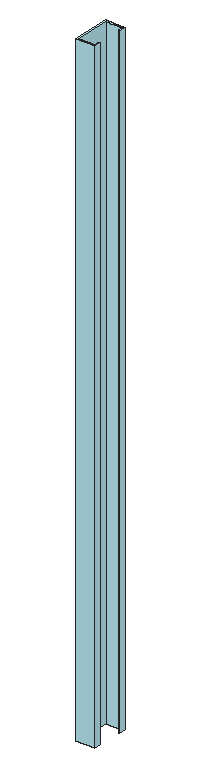
Revit family "(JIS)60×30×10×2.3", category 機械設備, Revit 2020
Family settings
  丸型コネクタ寸法 = 直径を使用
  種別 = なし
  パーツ タイプ = 標準
  作業面ベース = いいえ
  常に垂直 = はい
  ロード時にボイドで切り取り = いいえ
  共有 = いいえ
  部屋計算ポイント = いいえ
Parameters
  製造元 = "株式会社桐井製作所"
  既定の高さ = 0 mm
  URL = "https://www.kirii.co.jp/"
  K_長さ(mm) [instance] = 1000 mm
  K_材質 = "SSC400"
  K_断面積A(mm2) = 287.2
  K_断面係数Zy(mm3) = 1704
  K_断面係数Zx(mm3) = 5196
  K_断面2次半径iy(mm) = 10.7
  K_断面2次半径ix(mm) = 23.3
  K_断面2次モーメントIy(mm4) = 33120
  K_断面2次モーメントIx(mm4) = 155900
  K_外形寸法(mm) = "60×30×10×2.3"
  K_品名 = "(JIS)60×30×10×2.3"
  K_名称 = "補強材"
  K_単位質量(kg/m) = 2.278
  K_ヤング係数E(N/mm2) = 205000
  K_バージョン情報 = "20210524"
  K_めっき付着量 = "Z12"
  K_JIS規格 = "JIS G 3350"
Reference planes
  plane 1 "中心(正面/背面)": y = 0
  plane 2: z = 0
  plane 3 "中心(左/右)": x = 0
  plane 4: z = 1000
  plane 5: y = 60
Forms (mm)
  Extrusion 1, solid
    sketch origin (0, 0, 0) x (1, 0, 0) y (0, 1, 0)
      loop
        line (0, 0) -> (30, 0) -> (30, 10) -> (27.7, 10) -> (27.7, 2.3) -> (2.3, 2.3) -> (2.3, 57.7) -> (27.7, 57.7) -> (27.7, 50) -> (30, 50) -> (30, 60) -> (0, 60) -> (0, 0)
    from 0 to 1000
Dimensions and locks
  "K_長さ(mm)": plane 4 to plane 2
  aligned and locked: level to plane 2
  aligned and locked: plane 4 to Extrusion 1
Automatic sketch dimensions
  Extrusion 1 sketch curve to plane 3 "中心(左/右)" = 0 mm
  plane 1 "中心(正面/背面)" to Extrusion 1 sketch curve = 0 mm
  Extrusion 1 sketch curve to plane 1 "中心(正面/背面)" = 10 mm
  Extrusion 1 sketch curve to Extrusion 1 sketch curve = 25.4 mm  (x2)
  Extrusion 1 sketch curve to Extrusion 1 sketch curve = 2.3 mm  (x3)
  Extrusion 1 sketch curve to plane 1 "中心(正面/背面)" = 2.3 mm
  Extrusion 1 sketch curve to Extrusion 1 sketch curve = 40 mm
  Extrusion 1 sketch curve to Extrusion 1 sketch curve = 7.7 mm
  plane 3 "中心(左/右)" to Extrusion 1 sketch curve = 2.3 mm
